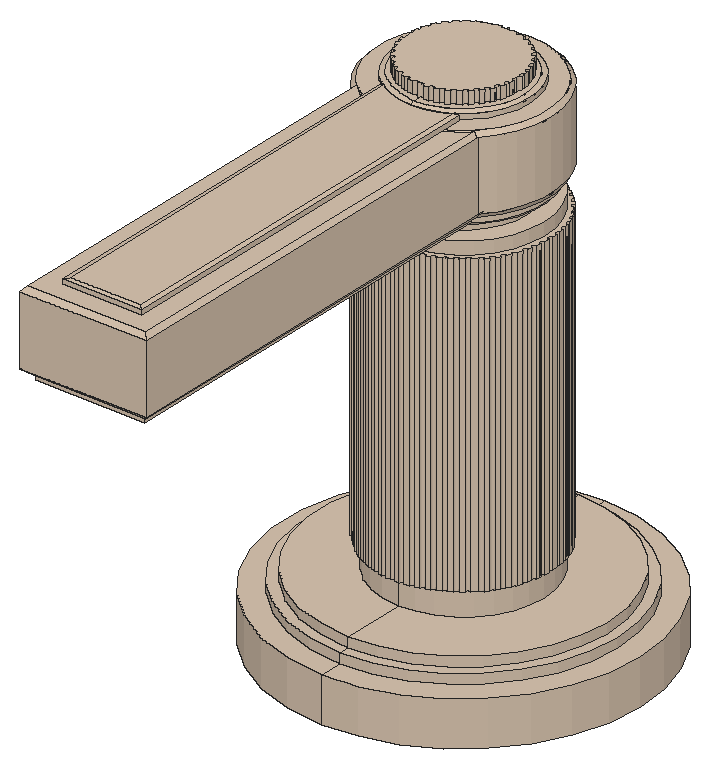
Revit family "Faucet-Handle-KALLISTA-Vir_Stil-P80237", category Plumbing Fixtures, host Face, Revit 2021
Family settings
  Host = Face
  Round Connector Dimension = Use Diameter
  Part Type = Normal
  OmniClass Number = 23.31.11.00
  OmniClass Title = Faucets
  Cut with Voids When Loaded = No
  Shared = No
  Room Calculation Point = No
Parameters (values of type "BAF-Brushed French Gold")
  Width = 2 133/256"  # constant formula
  WaterSense Certified = 1 = 0  # no
  Waste Water Outlet = "Waste Water Outlet"  # constant formula
  Waste Connection = 1 = 0  # no
  Vent Connection = 1 = 0  # no
  URL = "https://www.kallista.com/"
  Type = 1
  Tempered Water Inlet = "Tempered Water Inlet"  # constant formula
  Product Page URL = ""
  Product Name = "Vir Stil"  # constant formula
  Product Documentation Link = ""
  Pressure = 0.00 psi
  Model = if(Type = 1, "P80237-LV-BAF", if(Type = 2, "P80237-LV-BN", if(Type = 3, "P80237-LV-CP", if(Type = 4, "P80237-LV-SN", "NA"))))  # "P80237-LV-BAF"
  Material = "Premium Metal Construction"  # constant formula
  Master Format 2014 Name = "Residential Faucets, Supplies, and Trim"  # constant formula
  Master Format 2014 = "22 41 39"  # constant formula
  Manufacturer Address = "444 Highland Dr, Kohler, WI 53044"  # constant formula
  Manufacturer = "Kallista Co."  # constant formula
  Length = 4.63287"  # constant formula
  Hot Water Inlet = "Hot Water Inlet"  # constant formula
  Height = 3 45/64"  # constant formula
  Handle Clearance = 3.37402"  # constant formula
  HW Connection = 1 = 0  # no
  Flow Rate = 0 GPM
  Finish = Kallista-Metal-BAF-Brushed_French_Gold
  Environmental Product Declaration = ""
  Drain Included = 1 = 0  # no
  Description = "Deck Mount Diverter"  # constant formula
  Default Elevation = 36"
  Declare Label = ""
  Date Modified = "10/26/2023"  # constant formula
  Date Created = "10/26/2023"  # constant formula
  Copyright = "Copyright Kallista Co."  # constant formula
  Contact Us = "https://www.kallista.com/corporate/contact-us/"
  Cold Water Inlet = "Cold Water Inlet"  # constant formula
  CW Connection = 1 = 1  # yes
  Assembly Code = "D2010"
  ADA Compliant = 1 = 0  # no
Types (5): name | Type | Model | Finish
  (no name) | 1 | "P80237-LV-BAF" | Kallista-Metal-BAF-Brushed_French_Gold
  BAF-Brushed French Gold | 1 | "P80237-LV-BAF" | Kallista-Metal-BAF-Brushed_French_Gold
  BN-Brushed Nickel | 2 | "P80237-LV-BN" | Kallista-Metal-BN-Brushed_Nickel
  CP-Chrome | 3 | "P80237-LV-CP" | Kallista-Metal-CP-Chrome
  SN-Polished Nickel | 4 | "P80237-LV-SN" | Kallista-Metal-SN-Polished_Nickel
Reference planes (in)
  plane 1 "Center (Front/Back)": y = 0
  plane 2: z = 0
  plane 3 "Center (Left/Right)": x = 0
  plane 4: y = 1.25886
  plane 5: x = -1.25984
  plane 6: x = 1.25969
  plane 7: x = -0.45084
  plane 8: x = 0.42028
  plane 9: x = 0.44739
  plane 10: y = -1.26083
  plane 11: z = 3.70312
  plane 12: z = 2.93307
  plane 13: z = 0.45669
  plane 14: y = -3.37402
Dimensions and locks (in)
  plane 4 to plane 10 = 2.51969"
  "Width": plane 5 to plane 6
  plane 7 to plane 9 = 0.89824"
  "Height": plane 11 to level
  plane 11 to plane 2 = 3 45/64"
  "Handle Clearance": plane 1 "Center (Front/Back)" to plane 14
  "Length": plane 14 to plane 4
  aligned and locked: plane 2 to host face
  aligned and locked: level to host face
  aligned and locked: plane 3 "Center (Left/Right)" to nested 1
  aligned and locked: plane 1 "Center (Front/Back)" to nested 1
Automatic sketch dimensions
  host sketch curve to host sketch curve = 96"  (x2)
Nested families (in)
  nested 1: "P80237" at (0, 0, 0), type "P80237"
Connectors (in)
  piping at (0, 0, 0), diameter 0.75, driven by "CW Connection", driven by "Cold Water Inlet"
    settings: on nested 1, index 1, connector inside diameter 24", connector length 0", flow factor 0, pipe flow 0 GPM, pressure drop 0.00 psi, fitting loss kfactor 0, connector angle 0.00°, fixture units 0, engagement length 0", angle of deflection 0.00°, flow configuration 0, flow direction 1, fitting loss method 0, system type 20, joint type 0, gender type 0, connector reference index -1, connector utility 1, adjustable connector no, is connector primary yes, connector description "Cold Water Inlet"
Definition of nested family "P80237"
  Parameters
    Material = none
    Default Elevation = 0"
  Reference planes (in)
    plane 1 "Center (Front/Back)": y = 0
    plane 2: z = 0
    plane 3 "Center (Left/Right)": x = 0
    plane 4: y = 1.25984
    plane 5: y = -1.25984
    plane 6: x = 1.25984
    plane 7: x = -1.25984
    plane 8: y = -3.37402
    plane 9: z = 0.45669
    plane 10: z = 2.93307
    plane 11: z = 3.70472
    plane 12: x = -0.45084
    plane 13: x = 0.44739
  Forms (in)
    Revolve 1, solid, material <- "Material", detail levels medium+fine
      sketch origin (0, 0.0011, 0.00063) x (0, 1, 0) y (0, 0, 1)
        loop
          line (1.25984, 0) -> (1.25984, 0.3175) -> (1.09873, 0.3175) -> (1.09873, 0.38664) -> (1.02575, 0.38664) -> (1.02575, 0.45606) -> (0.57703, 0.45606) -> (0.57703, 0.63987) -> (0, 0.63987) -> (0, 0) -> (1.25984, 0)
        loop
          line (0.57721, 2.75841) -> (0.57721, 2.84802) -> (0.44987, 2.84802) -> (0.44987, 2.91705) -> (0, 2.91705) -> (0, 2.75841) -> (0.57721, 2.75841)
        loop
          line (0.54767, 2.93701) -> (0.57031, 2.95965) -> (0.57031, 3.01076) -> (0.60204, 3.01076) -> (0.62598, 3.04762) -> (0.62598, 3.53382) -> (0.59649, 3.56331) -> (0.46876, 3.56331) -> (0.46876, 3.5984) -> (0.43555, 3.61115) -> (0.34342, 3.61115) -> (0.34342, 3.64358) -> (0, 3.64358) -> (0, 2.93701) -> (0.54767, 2.93701)
        axis (0, 0) -> (0, 3.64358)
      angle from 0 to 360
    Extrusion 2, solid, material <- "Material", detail levels medium+fine
      sketch origin (-0.0001, 0.09333, 0.00012) x (1, 0, 0) y (0, 1, 0)
        loop
          line (0.37024, -0.58886) -> (0.3945, -0.56685)
          arc (0.3945, -0.56685) -> (0.39577, -0.54613) -> (0.41649, -0.54486) r 0.01567
          line (0.41649, -0.54486) -> (0.44946, -0.5119)
          arc (0.44946, -0.5119) -> (0.46013, -0.49752) -> (0.47778, -0.50048) r 0.01715
          line (0.47778, -0.50048) -> (0.4974, -0.47626)
          arc (0.4974, -0.47626) -> (0.49278, -0.45436) -> (0.51481, -0.45041) r 0.01559
          line (0.51481, -0.45041) -> (0.53131, -0.42183)
          arc (0.53131, -0.42183) -> (0.52746, -0.40148) -> (0.54701, -0.39463) r 0.01588
          line (0.54701, -0.39463) -> (0.56163, -0.36595)
          arc (0.56163, -0.36595) -> (0.55657, -0.34742) -> (0.5722, -0.33626) r 0.01679
          line (0.5722, -0.33626) -> (0.58709, -0.29535)
          arc (0.58709, -0.29535) -> (0.57988, -0.27596) -> (0.59787, -0.26574) r 0.01596
          line (0.59787, -0.26574) -> (0.60373, -0.23503)
          arc (0.60373, -0.23503) -> (0.59236, -0.21669) -> (0.60968, -0.20382) r 0.01594
          line (0.60968, -0.20382) -> (0.61581, -0.17165)
          arc (0.61581, -0.17165) -> (0.60255, -0.15404) -> (0.61917, -0.13956) r 0.01617
          line (0.61917, -0.13956) -> (0.62151, -0.1061)
          arc (0.62151, -0.1061) -> (0.60539, -0.08974) -> (0.62198, -0.07386) r 0.01612
          line (0.62198, -0.07386) -> (0.61917, -0.03367)
          arc (0.61917, -0.03367) -> (0.60255, -0.01919) -> (0.61581, -0.00158) r 0.01617
          line (0.61581, -0.00158) -> (0.60968, 0.03059)
          arc (0.60968, 0.03059) -> (0.59236, 0.04346) -> (0.60373, 0.0618) r 0.01594
          line (0.60373, 0.0618) -> (0.59787, 0.09251)
          arc (0.59787, 0.09251) -> (0.57988, 0.10273) -> (0.58709, 0.12212) r 0.01596
          line (0.58709, 0.12212) -> (0.57649, 0.15124)
          arc (0.57649, 0.15124) -> (0.55742, 0.15989) -> (0.56163, 0.18041) r 0.01679
          line (0.56163, 0.18041) -> (0.54701, 0.2091)
          arc (0.54701, 0.2091) -> (0.53171, 0.21116) -> (0.52539, 0.22524) r 0.01588
          line (0.52539, 0.22524) -> (0.50251, 0.26488)
          arc (0.50251, 0.26488) -> (0.48047, 0.26882) -> (0.48509, 0.29073) r 0.01559
          line (0.48509, 0.29073) -> (0.46548, 0.31495)
          arc (0.46548, 0.31495) -> (0.44333, 0.31466) -> (0.43937, 0.33645) r 0.01715
          line (0.43937, 0.33645) -> (0.41649, 0.35933)
          arc (0.41649, 0.35933) -> (0.39577, 0.3606) -> (0.3945, 0.38132) r 0.01567
          line (0.3945, 0.38132) -> (0.37024, 0.40332)
          arc (0.37024, 0.40332) -> (0.3496, 0.40047) -> (0.34317, 0.42028) r 0.01622
          line (0.34317, 0.42028) -> (0.31527, 0.43772)
          arc (0.31527, 0.43772) -> (0.29625, 0.43567) -> (0.28852, 0.45316) r 0.0162
          line (0.28852, 0.45316) -> (0.2584, 0.46721)
          arc (0.2584, 0.46721) -> (0.23963, 0.46335) -> (0.23052, 0.4802) r 0.01606
          line (0.23052, 0.4802) -> (0.20119, 0.49388)
          arc (0.20119, 0.49388) -> (0.18047, 0.48455) -> (0.17059, 0.50502) r 0.01629
          line (0.17059, 0.50502) -> (0.14037, 0.51512)
          arc (0.14037, 0.51512) -> (0.12092, 0.5007) -> (0.10901, 0.52179) r 0.01615
          line (0.10901, 0.52179) -> (0.07698, 0.52686)
          arc (0.07698, 0.52686) -> (0.0585, 0.51316) -> (0.04515, 0.5319) r 0.01612
          line (0.04515, 0.5319) -> (0.01371, 0.5319)
          arc (0.01371, 0.5319) -> (-0.00189, 0.5163) -> (-0.0175, 0.5319) r 0.01561
          line (-0.0175, 0.5319) -> (-0.04914, 0.5319)
          arc (-0.04914, 0.5319) -> (-0.06165, 0.51252) -> (-0.0801, 0.52637) r 0.01576
          line (-0.0801, 0.52637) -> (-0.1112, 0.52144)
          arc (-0.1112, 0.52144) -> (-0.12304, 0.50074) -> (-0.1426, 0.51438) r 0.01615
          line (-0.1426, 0.51438) -> (-0.18837, 0.49908)
          arc (-0.18837, 0.49908) -> (-0.19067, 0.47412) -> (-0.21478, 0.48098) r 0.01629
          line (-0.21478, 0.48098) -> (-0.24283, 0.4679)
          arc (-0.24283, 0.4679) -> (-0.25193, 0.45104) -> (-0.2707, 0.4549) r 0.01606
          line (-0.2707, 0.4549) -> (-0.30083, 0.44085)
          arc (-0.30083, 0.44085) -> (-0.30856, 0.42336) -> (-0.32757, 0.42542) r 0.0162
          line (-0.32757, 0.42542) -> (-0.35547, 0.40798)
          arc (-0.35547, 0.40798) -> (-0.36191, 0.38817) -> (-0.38254, 0.39102) r 0.01622
          line (-0.38254, 0.39102) -> (-0.4068, 0.36902)
          arc (-0.4068, 0.36902) -> (-0.40807, 0.3483) -> (-0.42879, 0.34703) r 0.01567
          line (-0.42879, 0.34703) -> (-0.45167, 0.32415)
          arc (-0.45167, 0.32415) -> (-0.45563, 0.30235) -> (-0.47778, 0.30265) r 0.01715
          line (-0.47778, 0.30265) -> (-0.4974, 0.27842)
          arc (-0.4974, 0.27842) -> (-0.49278, 0.25652) -> (-0.51481, 0.25257) r 0.01559
          line (-0.51481, 0.25257) -> (-0.53131, 0.22399)
          arc (-0.53131, 0.22399) -> (-0.52746, 0.20364) -> (-0.54701, 0.19679) r 0.01588
          line (-0.54701, 0.19679) -> (-0.56163, 0.16811)
          arc (-0.56163, 0.16811) -> (-0.55742, 0.14759) -> (-0.57649, 0.13893) r 0.01679
          line (-0.57649, 0.13893) -> (-0.58709, 0.10982)
          arc (-0.58709, 0.10982) -> (-0.57988, 0.09043) -> (-0.59787, 0.08021) r 0.01596
          line (-0.59787, 0.08021) -> (-0.60373, 0.04949)
          arc (-0.60373, 0.04949) -> (-0.59236, 0.03115) -> (-0.60968, 0.01828) r 0.01594
          line (-0.60968, 0.01828) -> (-0.61581, -0.01389)
          arc (-0.61581, -0.01389) -> (-0.60255, -0.0315) -> (-0.61917, -0.04598) r 0.01617
          line (-0.61917, -0.04598) -> (-0.62137, -0.0774)
          arc (-0.62137, -0.0774) -> (-0.606, -0.09277) -> (-0.62137, -0.10814) r 0.01537
          line (-0.62137, -0.10814) -> (-0.61917, -0.13956)
          arc (-0.61917, -0.13956) -> (-0.60255, -0.15404) -> (-0.61581, -0.17165) r 0.01617
          line (-0.61581, -0.17165) -> (-0.60968, -0.20382)
          arc (-0.60968, -0.20382) -> (-0.59236, -0.21669) -> (-0.60373, -0.23503) r 0.01594
          line (-0.60373, -0.23503) -> (-0.59787, -0.26574)
          arc (-0.59787, -0.26574) -> (-0.57988, -0.27596) -> (-0.58709, -0.29535) r 0.01596
          line (-0.58709, -0.29535) -> (-0.5722, -0.33626)
          arc (-0.5722, -0.33626) -> (-0.55657, -0.34742) -> (-0.56163, -0.36595) r 0.01679
          line (-0.56163, -0.36595) -> (-0.54701, -0.39463)
          arc (-0.54701, -0.39463) -> (-0.52746, -0.40148) -> (-0.53131, -0.42183) r 0.01588
          line (-0.53131, -0.42183) -> (-0.50883, -0.46077)
          arc (-0.50883, -0.46077) -> (-0.48488, -0.45001) -> (-0.48509, -0.47626) r 0.01559
          line (-0.48509, -0.47626) -> (-0.46548, -0.50048)
          arc (-0.46548, -0.50048) -> (-0.44333, -0.50019) -> (-0.43937, -0.52198) r 0.01715
          line (-0.43937, -0.52198) -> (-0.41649, -0.54486)
          arc (-0.41649, -0.54486) -> (-0.39577, -0.54613) -> (-0.3945, -0.56685) r 0.01567
          line (-0.3945, -0.56685) -> (-0.37024, -0.58886)
          arc (-0.37024, -0.58886) -> (-0.3496, -0.58601) -> (-0.34317, -0.60582) r 0.01622
          line (-0.34317, -0.60582) -> (-0.31527, -0.62325)
          arc (-0.31527, -0.62325) -> (-0.29625, -0.6212) -> (-0.28852, -0.63869) r 0.0162
          line (-0.28852, -0.63869) -> (-0.2584, -0.65274)
          arc (-0.2584, -0.65274) -> (-0.23963, -0.64888) -> (-0.23052, -0.66574) r 0.01606
          line (-0.23052, -0.66574) -> (-0.20247, -0.67882)
          arc (-0.20247, -0.67882) -> (-0.18193, -0.67012) -> (-0.17198, -0.69009) r 0.01629
          line (-0.17198, -0.69009) -> (-0.1426, -0.69991)
          arc (-0.1426, -0.69991) -> (-0.12304, -0.68628) -> (-0.1112, -0.70697) r 0.01615
          line (-0.1112, -0.70697) -> (-0.0801, -0.7119)
          arc (-0.0801, -0.7119) -> (-0.06165, -0.69805) -> (-0.04914, -0.71744) r 0.01576
          line (-0.04914, -0.71744) -> (-0.0175, -0.71744)
          arc (-0.0175, -0.71744) -> (-0.00189, -0.70183) -> (0.01371, -0.71744) r 0.01561
          line (0.01371, -0.71744) -> (0.04515, -0.71744)
          arc (0.04515, -0.71744) -> (0.0585, -0.69869) -> (0.07698, -0.71239) r 0.01612
          line (0.07698, -0.71239) -> (0.10901, -0.70732)
          arc (0.10901, -0.70732) -> (0.12092, -0.68623) -> (0.14037, -0.70066) r 0.01615
          line (0.14037, -0.70066) -> (0.17059, -0.69055)
          arc (0.17059, -0.69055) -> (0.18047, -0.67009) -> (0.20119, -0.67942) r 0.01629
          line (0.20119, -0.67942) -> (0.23052, -0.66574)
          arc (0.23052, -0.66574) -> (0.23963, -0.64888) -> (0.2584, -0.65274) r 0.01606
          line (0.2584, -0.65274) -> (0.28852, -0.63869)
          arc (0.28852, -0.63869) -> (0.29625, -0.6212) -> (0.31527, -0.62325) r 0.0162
          line (0.31527, -0.62325) -> (0.34317, -0.60582)
          arc (0.34317, -0.60582) -> (0.3496, -0.58601) -> (0.37024, -0.58886) r 0.01622
      from 0.63921 to 2.7578
    Sweep 3, solid, material <- "Material", detail levels medium+fine
      path origin (0, -0.46599, 0.54302) x (0, 1, 0) y (-1, 0, 0)
        loop
          line (0.07874, 0.45013) -> (-2.90726, 0.45013) -> (-2.90726, -0.45013) -> (0.07874, -0.45013)
      profile origin (-0.45013, -3.37325, 0.54302) x (1, 0, 0) y (0, 0, 1)
        loop
          line (0, 2.49452) -> (0.03235, 2.46217) -> (0.06329, 2.46217) -> (0.06329, 2.41499) -> (0.09079, 2.39974) -> (0.3166, 2.39974) -> (0.3166, 3.0564) -> (0.19942, 3.0564) -> (0.16806, 3.04916) -> (0.16806, 3.01604) -> (0.03152, 3.01604) -> (0, 2.98451) -> (0, 2.49452)
    Revolve 4, solid
      sketch origin (0, 0, 0) x (0, 1, 0) y (0, 0, 1)
        loop
          line (0.0011, 2.89746) -> (0.0011, 2.96028) -> (-0.30646, 2.96028) -> (-0.30646, 2.89746) -> (0.0011, 2.89746)
        axis (0.0011, 2.89746) -> (0.0011, 2.96028)
      angle from 0 to 360
    Extrusion 5, solid, material <- "Material", detail levels medium+fine
      sketch origin (0, 0, 0) x (1, 0, 0) y (0, 1, 0)
        loop
          line (-0.13352, -3.05664) -> (0.13352, -3.05664) -> (0.13352, -0.41348)
          arc (0.13352, -0.41348) -> (0.06758, -0.42918) -> (0, -0.43445) r 0.43555
          arc (0, -0.43445) -> (-0.06758, -0.42918) -> (-0.13352, -0.41348) r 0.43555
          line (-0.13352, -0.41348) -> (-0.13352, -3.05664)
      from 2.94276 to 3.59942
    Extrusion 6, solid, material <- "Material", detail levels medium+fine
      sketch origin (0, 0, 0) x (1, 0, 0) y (0, 1, 0)
        loop
          line (0.39956, 0.04665) -> (0.3951, 0.07793)
          arc (0.3951, 0.07793) -> (0.37211, 0.0898) -> (0.38828, 0.11) r 0.01672
          line (0.38828, 0.11) -> (0.37741, 0.13986)
          arc (0.37741, 0.13986) -> (0.35264, 0.14793) -> (0.36643, 0.17003) r 0.01654
          line (0.36643, 0.17003) -> (0.35092, 0.19689)
          arc (0.35092, 0.19689) -> (0.32658, 0.20039) -> (0.33329, 0.22405) r 0.01633
          line (0.33329, 0.22405) -> (0.31408, 0.24863)
          arc (0.31408, 0.24863) -> (0.28882, 0.2494) -> (0.29602, 0.27362) r 0.01594
          line (0.29602, 0.27362) -> (0.27398, 0.29567)
          arc (0.27398, 0.29567) -> (0.25135, 0.29376) -> (0.24796, 0.31621) r 0.01661
          line (0.24796, 0.31621) -> (0.22165, 0.33431)
          arc (0.22165, 0.33431) -> (0.19902, 0.33167) -> (0.1934, 0.35375) r 0.0173
          line (0.1934, 0.35375) -> (0.16475, 0.36828)
          arc (0.16475, 0.36828) -> (0.14435, 0.35817) -> (0.13378, 0.37834) r 0.01629
          line (0.13378, 0.37834) -> (0.10377, 0.38734)
          arc (0.10377, 0.38734) -> (0.08375, 0.37642) -> (0.07305, 0.39655) r 0.01603
          line (0.07305, 0.39655) -> (0.04129, 0.39933)
          arc (0.04129, 0.39933) -> (0.01926, 0.38534) -> (0, 0.40295) r 0.02147
          arc (0, 0.40295) -> (-0.01919, 0.38453) -> (-0.04129, 0.39933) r 0.02122
          line (-0.04129, 0.39933) -> (-0.07266, 0.39659)
          arc (-0.07266, 0.39659) -> (-0.08379, 0.37795) -> (-0.10329, 0.38748) r 0.01603
          line (-0.10329, 0.38748) -> (-0.13378, 0.37834)
          arc (-0.13378, 0.37834) -> (-0.14435, 0.35817) -> (-0.16475, 0.36828) r 0.01629
          line (-0.16475, 0.36828) -> (-0.1934, 0.35375)
          arc (-0.1934, 0.35375) -> (-0.19902, 0.33167) -> (-0.22165, 0.33431) r 0.0173
          line (-0.22165, 0.33431) -> (-0.24796, 0.31621)
          arc (-0.24796, 0.31621) -> (-0.25135, 0.29376) -> (-0.27398, 0.29567) r 0.01661
          line (-0.27398, 0.29567) -> (-0.29602, 0.27362)
          arc (-0.29602, 0.27362) -> (-0.28882, 0.2494) -> (-0.31408, 0.24863) r 0.01594
          line (-0.31408, 0.24863) -> (-0.33329, 0.22405)
          arc (-0.33329, 0.22405) -> (-0.32658, 0.20039) -> (-0.35092, 0.19689) r 0.01633
          line (-0.35092, 0.19689) -> (-0.36643, 0.17003)
          arc (-0.36643, 0.17003) -> (-0.35264, 0.14793) -> (-0.37741, 0.13986) r 0.01654
          line (-0.37741, 0.13986) -> (-0.38828, 0.11)
          arc (-0.38828, 0.11) -> (-0.37211, 0.0898) -> (-0.3951, 0.07793) r 0.01672
          line (-0.3951, 0.07793) -> (-0.39945, 0.04743)
          arc (-0.39945, 0.04743) -> (-0.38106, 0.03439) -> (-0.39192, 0.01464) r 0.01693
          arc (-0.39192, 0.01464) -> (-0.38008, 0.00016) -> (-0.3874, -0.01706) r 0.01809
          arc (-0.3874, -0.01706) -> (-0.38182, -0.03685) -> (-0.39945, -0.04743) r 0.01693
          line (-0.39945, -0.04743) -> (-0.3951, -0.07793)
          arc (-0.3951, -0.07793) -> (-0.37211, -0.0898) -> (-0.38828, -0.11) r 0.01672
          line (-0.38828, -0.11) -> (-0.37741, -0.13986)
          arc (-0.37741, -0.13986) -> (-0.35264, -0.14793) -> (-0.36643, -0.17003) r 0.01654
          line (-0.36643, -0.17003) -> (-0.35092, -0.19689)
          arc (-0.35092, -0.19689) -> (-0.32658, -0.20039) -> (-0.33329, -0.22405) r 0.01633
          line (-0.33329, -0.22405) -> (-0.31408, -0.24863)
          arc (-0.31408, -0.24863) -> (-0.28882, -0.2494) -> (-0.29602, -0.27362) r 0.01594
          line (-0.29602, -0.27362) -> (-0.27398, -0.29567)
          arc (-0.27398, -0.29567) -> (-0.25135, -0.29376) -> (-0.24796, -0.31621) r 0.01661
          line (-0.24796, -0.31621) -> (-0.22165, -0.33431)
          arc (-0.22165, -0.33431) -> (-0.19902, -0.33167) -> (-0.1934, -0.35375) r 0.0173
          line (-0.1934, -0.35375) -> (-0.16475, -0.36828)
          arc (-0.16475, -0.36828) -> (-0.14435, -0.35817) -> (-0.13378, -0.37834) r 0.01629
          line (-0.13378, -0.37834) -> (-0.10377, -0.38734)
          arc (-0.10377, -0.38734) -> (-0.08375, -0.37642) -> (-0.07305, -0.39655) r 0.01603
          line (-0.07305, -0.39655) -> (-0.04129, -0.39933)
          arc (-0.04129, -0.39933) -> (-0.01876, -0.38433) -> (-0.00016, -0.40399) r 0.021
          arc (-0.00016, -0.40399) -> (0.01874, -0.38539) -> (0.04129, -0.39933) r 0.02147
          line (0.04129, -0.39933) -> (0.07305, -0.39655)
          arc (0.07305, -0.39655) -> (0.08375, -0.37642) -> (0.10377, -0.38734) r 0.01603
          line (0.10377, -0.38734) -> (0.13378, -0.37834)
          arc (0.13378, -0.37834) -> (0.14435, -0.35817) -> (0.16475, -0.36828) r 0.01629
          line (0.16475, -0.36828) -> (0.1934, -0.35375)
          arc (0.1934, -0.35375) -> (0.19902, -0.33167) -> (0.22165, -0.33431) r 0.0173
          line (0.22165, -0.33431) -> (0.24796, -0.31621)
          arc (0.24796, -0.31621) -> (0.25135, -0.29376) -> (0.27398, -0.29567) r 0.01661
          line (0.27398, -0.29567) -> (0.29602, -0.27362)
          arc (0.29602, -0.27362) -> (0.28882, -0.2494) -> (0.31408, -0.24863) r 0.01594
          line (0.31408, -0.24863) -> (0.33329, -0.22405)
          arc (0.33329, -0.22405) -> (0.32658, -0.20039) -> (0.35092, -0.19689) r 0.01633
          line (0.35092, -0.19689) -> (0.36643, -0.17003)
          arc (0.36643, -0.17003) -> (0.35264, -0.14793) -> (0.37741, -0.13986) r 0.01654
          line (0.37741, -0.13986) -> (0.38828, -0.11)
          arc (0.38828, -0.11) -> (0.37211, -0.0898) -> (0.3951, -0.07793) r 0.01672
          line (0.3951, -0.07793) -> (0.39956, -0.04665)
          arc (0.39956, -0.04665) -> (0.38137, -0.03479) -> (0.3898, -0.01479) r 0.01693
          arc (0.3898, -0.01479) -> (0.38962, 0.00232) -> (0.40245, 0.01362) r 0.02054
          arc (0.40245, 0.01362) -> (0.38069, 0.02836) -> (0.39956, 0.04665) r 0.01693
      from 3.6209 to 3.70485
    Extrusion 7, solid, material <- "Material"
      sketch origin (0, 0, 0) x (1, 0, 0) y (0, 1, 0)
        loop
          circle (0, 0) r 0.07874
      from 0 to 0.05618
    Revolve 8, solid, material <- "Material", detail levels coarse
      sketch origin (0, 0, 0) x (0, 1, 0) y (0, 0, 1)
        loop
          line (1.26094, 0.00063) -> (1.26094, 0.31813) -> (1.09983, 0.31813) -> (1.09983, 0.38726) -> (1.02685, 0.38726) -> (1.02685, 0.45669) -> (0.57813, 0.45669) -> (0.57813, 0.6405) -> (0.62524, 0.6405) -> (0.62524, 2.75904) -> (0.57831, 2.75904) -> (0.57831, 2.84865) -> (0.45097, 2.84865) -> (0.45097, 2.91768) -> (0.0011, 2.91768) -> (0.0011, 2.77411) -> (0.0011, 0.00063) -> (1.26094, 0.00063)
        loop
          line (0.54877, 2.93764) -> (0.57141, 2.96028) -> (0.57141, 3.01139) -> (0.60314, 3.01139) -> (0.62708, 3.04825) -> (0.62708, 3.53445) -> (0.59759, 3.56394) -> (0.46986, 3.56394) -> (0.46986, 3.59903) -> (0.43665, 3.61178) -> (0.34452, 3.61178) -> (0.40295, 3.6209) -> (0.40295, 3.70485) -> (0.0011, 3.70485) -> (0.0011, 2.93764) -> (0.54877, 2.93764)
        axis (0.0011, 0.00063) -> (0.0011, 3.70485)
      angle from 0 to 360
    Extrusion 9, solid, material <- "Material", detail levels coarse
      sketch origin (0, 0, 0) x (1, 0, 0) y (0, 1, 0)
        loop
          line (-0.45013, -0.11) -> (-0.45013, -3.37325) -> (0.45013, -3.37325) -> (0.45013, -0.11) -> (-0.45013, -0.11)
      from 2.94276 to 3.59942
  Cuts and joins
    joined: Sweep 3, Extrusion 5
  Lines and regions (in)
    Masking region 1
      outline origin (0, 0, 0) x (1, 0, 0) y (0, 1, 0)
        loop
          line (-0.45084, -3.37402) -> (0.44739, -3.37402) -> (0.44739, -1.17773)
          arc (0.44739, -1.17773) -> (0.00185, 1.25984) -> (-0.45084, -1.17641) r 1.25984
          line (-0.45084, -1.17641) -> (-0.45084, -3.37402)
    Masking region 2
      outline origin (0, 0, 0) x (1, 0, 0) y (0, 0, 1)
        loop
          line (-1.25984, 0) -> (1.25984, 0) -> (1.25984, 0.31505) -> (1.10057, 0.31505) -> (1.10057, 0.3846) -> (1.03059, 0.3846) -> (1.03059, 0.45669) -> (0.5775, 0.45669) -> (0.5775, 0.6398) -> (0.62448, 0.6398) -> (0.62448, 2.75774) -> (0.57757, 2.75774) -> (0.57757, 2.84774) -> (0.44996, 2.84774) -> (0.44996, 2.91689) -> (0.30728, 2.91689) -> (0.35175, 2.93307) -> (0.52738, 2.93307) -> (0.55793, 2.95001) -> (0.55793, 3.0106) -> (0.59254, 3.0106) -> (0.62472, 3.04061) -> (0.62472, 3.53288) -> (0.59365, 3.56394) -> (0.46562, 3.56394) -> (0.46562, 3.59569) -> (0.43313, 3.61084) -> (0.34514, 3.61084) -> (0.3771, 3.62062) -> (0.41129, 3.62062) -> (0.41129, 3.70472) -> (-0.41129, 3.70472) -> (-0.41129, 3.62062) -> (-0.3771, 3.62062) -> (-0.34514, 3.61084) -> (-0.43313, 3.61084) -> (-0.46562, 3.59569) -> (-0.46562, 3.56394) -> (-0.59365, 3.56394) -> (-0.62472, 3.53288) -> (-0.62472, 3.04061) -> (-0.59254, 3.0106) -> (-0.55793, 3.0106) -> (-0.55793, 2.95001) -> (-0.52738, 2.93307) -> (-0.35175, 2.93307) -> (-0.30728, 2.91689) -> (-0.44996, 2.91689) -> (-0.44996, 2.84774) -> (-0.57757, 2.84774) -> (-0.57757, 2.75774) -> (-0.62448, 2.75774) -> (-0.62448, 0.6398) -> (-0.5775, 0.6398) -> (-0.5775, 0.45669) -> (-1.03059, 0.45669) -> (-1.03059, 0.3846) -> (-1.10057, 0.3846) -> (-1.10057, 0.31505) -> (-1.25984, 0.31505) -> (-1.25984, 0)
    Masking region 3
      outline origin (0, 0, 0) x (0, 1, 0) y (0, 0, 1)
        loop
          line (1.25984, 0.00063) -> (1.25984, 0.31813) -> (1.09983, 0.31813) -> (1.09983, 0.38726) -> (1.02685, 0.38726) -> (1.02685, 0.45669) -> (0.57813, 0.45669) -> (0.57813, 0.63981) -> (0.62479, 0.63981) -> (0.62479, 2.75904) -> (0.57831, 2.75904) -> (0.57831, 2.84865) -> (0.45097, 2.84865) -> (0.45097, 2.91768) -> (0.30919, 2.91768) -> (0.34376, 2.93764) -> (0.54877, 2.93764) -> (0.57141, 2.96028) -> (0.57141, 3.01139) -> (0.60314, 3.01139) -> (0.62708, 3.04825) -> (0.62708, 3.53445) -> (0.59759, 3.56394) -> (0.46986, 3.56394) -> (0.46986, 3.59903) -> (0.43966, 3.61063) -> (0.34452, 3.61063) -> (0.37406, 3.6208) -> (0.41153, 3.6208) -> (0.41153, 3.70472) -> (-0.41103, 3.70472) -> (-0.41103, 3.62081) -> (-0.37638, 3.62081) -> (-0.34382, 3.61109) -> (-3.15915, 3.61109) -> (-3.20655, 3.59839) -> (-3.20655, 3.56371) -> (-3.32111, 3.56371) -> (-3.37402, 3.53317) -> (-3.37402, 2.95629) -> (-3.3508, 2.93307) -> (-0.34, 2.93307) -> (-0.30699, 2.91768) -> (-0.44877, 2.91768) -> (-0.44877, 2.84865) -> (-0.57611, 2.84865) -> (-0.57611, 2.75904) -> (-0.62259, 2.75904) -> (-0.62259, 0.63981) -> (-0.57593, 0.63981) -> (-0.57593, 0.45669) -> (-1.02465, 0.45669) -> (-1.02465, 0.38726) -> (-1.09763, 0.38726) -> (-1.09763, 0.31813) -> (-1.25984, 0.31813) -> (-1.25984, 0.00063) -> (0.0011, 0.00063) -> (1.25984, 0.00063)
    symbolic lines, detail levels medium+fine
      curve 1: line (0, 0.57813, 0.45732) -> (0, -0.57593, 0.45732)
      curve 2: line (0, 1.02685, 0.38726) -> (0, -1.02465, 0.38726)
      curve 3: line (0, -1.09763, 0.31813) -> (0, 1.09983, 0.31813)
      curve 4: line (0, 0.53419, 0.63981) -> (0, -0.57431, 0.63981)
      curve 5: line (0, 0.53419, 0.63981) -> (0, 0.53419, 2.75904)
      curve 6: line (0, 0.57431, 0.63981) -> (0, 0.57431, 2.75904)
      curve 7: line (0, 0.59241, 0.63934) -> (0, 0.59241, 2.75904)
      curve 8: line (0, 0.51875, 0.63934) -> (0, 0.51875, 2.75793)
      curve 9: line (0, 0.46235, 0.63934) -> (0, 0.46235, 2.75904)
      curve 10: line (0, 0.41748, 0.63934) -> (0, 0.41748, 2.75904)
      curve 11: line (0, 0.34591, 0.63981) -> (0, 0.34591, 2.75904)
      curve 12: line (0, 0.37176, 0.63981) -> (0, 0.37176, 2.75904)
      curve 13: line (0, 0.31732, 0.63981) -> (0, 0.31732, 2.75904)
      curve 14: line (0, 0.26144, 0.63981) -> (0, 0.26144, 2.75904)
      curve 15: line (0, 0.29013, 0.63981) -> (0, 0.29013, 2.75904)
      curve 16: line (0, 0.23227, 0.63981) -> (0, 0.23227, 2.75904)
      curve 17: line (0, 0.20315, 0.63981) -> (0, 0.20315, 2.75904)
      curve 18: line (0, 0.14283, 0.63981) -> (0, 0.14283, 2.75904)
      curve 19: line (0, 0.17354, 0.63981) -> (0, 0.17354, 2.75904)
      curve 20: line (0, 0.11162, 0.63981) -> (0, 0.11162, 2.75904)
      curve 21: line (0, 0.07945, 0.63981) -> (0, 0.07945, 2.75904)
      curve 22: line (0, 0.04736, 0.63981) -> (0, 0.04736, 2.75904)
      curve 23: line (0, 0.01594, 0.63981) -> (0, 0.01594, 2.75904)
      curve 24: line (0, -0.53419, 0.63981) -> (0, -0.53419, 2.75904)
      curve 25: line (0, -0.57431, 0.63981) -> (0, -0.57431, 2.75904)
      curve 26: line (0, -0.59241, 0.63934) -> (0, -0.59241, 2.75904)
      curve 27: line (0, -0.51875, 0.63934) -> (0, -0.51875, 2.75793)
      curve 28: line (0, -0.46235, 0.63934) -> (0, -0.46235, 2.75904)
      curve 29: line (0, -0.41748, 0.63981) -> (0, -0.41748, 2.75904)
      curve 30: line (0, -0.34591, 0.63981) -> (0, -0.34591, 2.75904)
      curve 31: line (0, -0.37176, 0.63981) -> (0, -0.37176, 2.75904)
      curve 32: line (0, -0.31732, 0.63981) -> (0, -0.31732, 2.75904)
      curve 33: line (0, -0.26144, 0.63981) -> (0, -0.26144, 2.75904)
      curve 34: line (0, -0.29013, 0.63981) -> (0, -0.29013, 2.75904)
      curve 35: line (0, -0.23227, 0.63981) -> (0, -0.23227, 2.75904)
      curve 36: line (0, -0.20315, 0.63981) -> (0, -0.20315, 2.75904)
      curve 37: line (0, -0.14283, 0.63981) -> (0, -0.14283, 2.75904)
      curve 38: line (0, -0.17354, 0.63981) -> (0, -0.17354, 2.75904)
      curve 39: line (0, -0.11162, 0.63981) -> (0, -0.11162, 2.75904)
      curve 40: line (0, -0.07945, 0.63981) -> (0, -0.07945, 2.75904)
      curve 41: line (0, -0.04736, 0.63981) -> (0, -0.04736, 2.75904)
      curve 42: line (0, -0.01594, 0.63981) -> (0, -0.01594, 2.75904)
      curve 43: line (0, 0.53419, 2.75904) -> (0, -0.53419, 2.75904)
      curve 44: line (0, 0.53419, 2.75904) -> (0, 0.59241, 2.75904)
      curve 45: line (0, -0.53419, 2.75904) -> (0, -0.59241, 2.75904)
      curve 46: line (0, 0.45097, 2.84865) -> (0, -0.44877, 2.84865)
      curve 47: line (0, -0.30699, 2.91768) -> (0, 0.30919, 2.91768)
      curve 48: line (0, 0.34376, 2.93764) -> (0, -0.39485, 2.93764)
      curve 49: line (0, -0.34, 2.93307) -> (0, 0.33585, 2.93307)
      curve 50: line (0, 0.34452, 3.61063) -> (0, -0.34361, 3.61109)
      curve 51: line (0, 0.57141, 3.01139) -> (0, -3.37402, 3.01139)
      curve 52: line (0, 0.46986, 3.56394) -> (0, -3.20655, 3.56371)
      curve 53: line (0, 0.62708, 3.53445) -> (0, -3.37402, 3.53317)
      curve 54: line (0, 0.62708, 3.04825) -> (0, -3.37402, 3.04825)
      curve 55: line (0, -0.45759, 3.01139) -> (0, -0.45759, 3.56388)
      curve 56: line (0, -0.44258, 3.04111) -> (0, -0.44258, 3.5341)
      curve 57: line (0, -0.42857, 3.04111) -> (0, -0.42857, 3.53653)
      curve 58: line (0, -0.41551, 3.04111) -> (0, -0.41551, 3.53411)
      curve 59: line (0, -0.41551, 3.53411) -> (0, -0.39467, 3.56389)
      curve 60: line (0, -0.42857, 3.53653) -> (0, -0.40942, 3.56389)
      curve 61: line (0, -0.44258, 3.5341) -> (0, -0.4346, 3.56389)
      curve 62: line (0, -0.41551, 3.04111) -> (0, -0.39835, 3.01139)
      curve 63: line (0, -0.42857, 3.04111) -> (0, -0.41471, 3.01139)
      curve 64: line (0, -0.44258, 3.04111) -> (0, -0.43461, 3.01139)
      curve 65: line (0, -0.3656, 3.56389) -> (0, -0.3656, 3.59507)
      curve 66: line (0, -0.3656, 3.59507) -> (0, -0.34361, 3.61109)
      curve 67: line (0, -0.41915, 2.9511) -> (0, -0.41915, 3.00997)
      curve 68: line (0, -0.41915, 2.9511) -> (0, -0.38661, 2.93307)
      curve 69: line (0, -3.37402, 2.95629) -> (0, -0.41915, 2.95629)
      curve 70: line (0, 0.39659, 3.6209) -> (0, 0.39659, 3.70485)
      curve 71: line (0, 0.38748, 3.6209) -> (0, 0.38748, 3.70485)
      curve 72: line (0, 0.37834, 3.6209) -> (0, 0.37834, 3.70485)
      curve 73: line (0, 0.36828, 3.6209) -> (0, 0.36828, 3.70485)
      curve 74: line (0, 0.35375, 3.6209) -> (0, 0.35375, 3.70485)
      curve 75: line (0, 0.33431, 3.6209) -> (0, 0.33431, 3.70485)
      curve 76: line (0, 0.31621, 3.6209) -> (0, 0.31621, 3.70485)
      curve 77: line (0, 0.29567, 3.6209) -> (0, 0.29567, 3.70485)
      curve 78: line (0, 0.27362, 3.6209) -> (0, 0.27362, 3.70485)
      curve 79: line (0, 0.24863, 3.6209) -> (0, 0.24863, 3.70485)
      curve 80: line (0, 0.22405, 3.6209) -> (0, 0.22405, 3.70485)
      curve 81: line (0, 0.19689, 3.6209) -> (0, 0.19689, 3.70485)
      curve 82: line (0, 0.17003, 3.6209) -> (0, 0.17003, 3.70485)
      curve 83: line (0, 0.13986, 3.6209) -> (0, 0.13986, 3.70485)
      curve 84: line (0, 0.11, 3.6209) -> (0, 0.11, 3.70485)
      curve 85: line (0, 0.07793, 3.6209) -> (0, 0.07793, 3.70485)
      curve 86: line (0, 0.04743, 3.6209) -> (0, 0.04743, 3.70485)
      curve 87: line (0, 0.01464, 3.6209) -> (0, 0.01464, 3.70485)
      curve 88: line (0, -0.01706, 3.6209) -> (0, -0.01706, 3.70485)
      curve 89: line (0, -0.04743, 3.6209) -> (0, -0.04743, 3.70485)
      curve 90: line (0, -0.07793, 3.6209) -> (0, -0.07793, 3.70485)
      curve 91: line (0, -0.11, 3.6209) -> (0, -0.11, 3.70485)
      curve 92: line (0, -0.13986, 3.6209) -> (0, -0.13986, 3.70485)
      curve 93: line (0, -0.17003, 3.6209) -> (0, -0.17003, 3.70485)
      curve 94: line (0, -0.19689, 3.6209) -> (0, -0.19689, 3.70485)
      curve 95: line (0, -0.22405, 3.6209) -> (0, -0.22405, 3.70485)
      curve 96: line (0, -0.24863, 3.6209) -> (0, -0.24863, 3.70485)
      curve 97: line (0, -0.27362, 3.6209) -> (0, -0.27362, 3.70485)
      curve 98: line (0, -0.29567, 3.6209) -> (0, -0.29567, 3.70485)
      curve 99: line (0, -0.31621, 3.6209) -> (0, -0.31621, 3.70485)
      curve 100: line (0, -0.33431, 3.6209) -> (0, -0.33431, 3.70485)
      curve 101: line (0, -0.35375, 3.6209) -> (0, -0.35375, 3.70485)
      curve 102: line (0, -0.36828, 3.6209) -> (0, -0.36828, 3.70485)
      curve 103: line (0, -0.38734, 3.6209) -> (0, -0.38734, 3.70485)
      curve 104: line (0, -0.39655, 3.6209) -> (0, -0.39655, 3.70485)
      curve 105: line (0, 0.37834, 3.6209) -> (0, -0.37834, 3.6209)
      curve 106: line (-0.5775, 0, 0.45669) -> (0.5775, 0, 0.45669)
      curve 107: line (-1.03059, 0, 0.3846) -> (1.03059, 0, 0.3846)
      curve 108: line (1.10057, 0, 0.31505) -> (-1.10057, 0, 0.31505)
      curve 109: line (-0.5775, 0, 0.6398) -> (0.5775, 0, 0.6398)
      curve 110: line (0.30728, 0, 2.91689) -> (-0.30728, 0, 2.91689)
      curve 111: line (-0.35175, 0, 2.93307) -> (0.35175, 0, 2.93307)
      curve 112: line (-0.44996, 0, 2.84774) -> (0.44996, 0, 2.84774)
      curve 113: line (-0.57757, 0, 2.75774) -> (0.57757, 0, 2.75774)
      curve 114: line (-0.55793, 0, 3.0106) -> (0.55793, 0, 3.0106)
      curve 115: line (-0.46562, 0, 3.56394) -> (0.46562, 0, 3.56394)
      curve 116: line (-0.34514, 0, 3.61084) -> (0.34514, 0, 3.61084)
      curve 117: line (0.37741, 0, 3.62062) -> (-0.37741, 0, 3.62062)
      curve 118: line (-0.46562, 0, 3.59569) -> (0.46562, 0, 3.59569)
      curve 119: line (-0.62472, 0, 3.53288) -> (0.62472, 0, 3.53288)
      curve 120: line (-0.45057, 0, 3.04117) -> (-0.45057, 0, 3.53288)
      curve 121: line (-0.45057, 0, 3.53288) -> (-0.4195, 0, 3.56394)
      curve 122: line (-0.45057, 0, 3.04117) -> (-0.42, 0, 3.0106)
      curve 123: line (0.45057, 0, 3.04117) -> (0.45057, 0, 3.53288)
      curve 124: line (0.45057, 0, 3.53288) -> (0.4195, 0, 3.56394)
      curve 125: line (0.45057, 0, 3.04117) -> (0.42, 0, 3.0106)
      curve 126: line (-0.45717, 0, 3.53288) -> (-0.45717, 0, 3.04076)
      curve 127: line (-0.45717, 0, 3.04076) -> (-0.43001, 0, 3.0106)
      curve 128: line (-0.46582, 0, 3.04094) -> (-0.46582, 0, 3.53288)
      curve 129: line (-0.46582, 0, 3.53288) -> (-0.44406, 0, 3.56394)
      curve 130: line (-0.46582, 0, 3.04094) -> (-0.44457, 0, 3.0106)
      curve 131: line (0.46551, 0, 3.04061) -> (0.46551, 0, 3.53288)
      curve 132: line (0.44386, 0, 3.56394) -> (0.46551, 0, 3.53288)
      curve 133: line (0.45713, 0, 3.53288) -> (0.45713, 0, 3.04088)
      curve 134: line (0.45713, 0, 3.04088) -> (0.43081, 0, 3.0106)
      curve 135: line (0.45713, 0, 3.53288) -> (0.43197, 0, 3.56394)
      curve 136: line (-0.45717, 0, 3.53288) -> (-0.43541, 0, 3.56394)
      curve 137: line (-0.62472, 0, 3.04061) -> (0.62472, 0, 3.04061)
      curve 138: line (0.46551, 0, 3.04061) -> (0.44449, 0, 3.0106)
      curve 139: line (-0.3951, 0, 3.6209) -> (-0.3951, 0, 3.70485)
      curve 140: line (-0.37741, 0, 3.62062) -> (-0.37741, 0, 3.70485)
      curve 141: line (-0.38828, 0, 3.6209) -> (-0.38828, 0, 3.70485)
      curve 142: line (-0.36643, 0, 3.62062) -> (-0.36643, 0, 3.70485)
      curve 143: line (-0.35092, 0, 3.62062) -> (-0.35092, 0, 3.70485)
      curve 144: line (-0.33329, 0, 3.62062) -> (-0.33329, 0, 3.70485)
      curve 145: line (-0.31408, 0, 3.62062) -> (-0.31408, 0, 3.70485)
      curve 146: line (-0.29602, 0, 3.62062) -> (-0.29602, 0, 3.70485)
      curve 147: line (-0.27398, 0, 3.62062) -> (-0.27398, 0, 3.70485)
      curve 148: line (-0.24796, 0, 3.62062) -> (-0.24796, 0, 3.70485)
      curve 149: line (-0.22165, 0, 3.62062) -> (-0.22165, 0, 3.70485)
      curve 150: line (-0.1934, 0, 3.62062) -> (-0.1934, 0, 3.70485)
      curve 151: line (-0.16475, 0, 3.62062) -> (-0.16475, 0, 3.70485)
      curve 152: line (-0.13378, 0, 3.62062) -> (-0.13378, 0, 3.70485)
      curve 153: line (-0.10377, 0, 3.62062) -> (-0.10377, 0, 3.70485)
      curve 154: line (-0.07305, 0, 3.62062) -> (-0.07305, 0, 3.70485)
      curve 155: line (-0.04129, 0, 3.62062) -> (-0.04129, 0, 3.70485)
      curve 156: line (0.3951, 0, 3.6209) -> (0.3951, 0, 3.70485)
      curve 157: line (0.37741, 0, 3.62062) -> (0.37741, 0, 3.70485)
      curve 158: line (0.38828, 0, 3.6209) -> (0.38828, 0, 3.70485)
      curve 159: line (0.36643, 0, 3.62062) -> (0.36643, 0, 3.70485)
      curve 160: line (0.35092, 0, 3.62062) -> (0.35092, 0, 3.70485)
      curve 161: line (0.33329, 0, 3.62062) -> (0.33329, 0, 3.70485)
      curve 162: line (0.31408, 0, 3.62062) -> (0.31408, 0, 3.70485)
      curve 163: line (0.29602, 0, 3.62062) -> (0.29602, 0, 3.70485)
      curve 164: line (0.27398, 0, 3.62062) -> (0.27398, 0, 3.70485)
      curve 165: line (0.24796, 0, 3.62062) -> (0.24796, 0, 3.70485)
      curve 166: line (0.22165, 0, 3.62062) -> (0.22165, 0, 3.70485)
      curve 167: line (0.1934, 0, 3.62062) -> (0.1934, 0, 3.70485)
      curve 168: line (0.16475, 0, 3.62062) -> (0.16475, 0, 3.70485)
      curve 169: line (0.13378, 0, 3.62062) -> (0.13378, 0, 3.70485)
      curve 170: line (0.10377, 0, 3.62062) -> (0.10377, 0, 3.70485)
      curve 171: line (0.07305, 0, 3.62062) -> (0.07305, 0, 3.70485)
      curve 172: line (0.04129, 0, 3.62062) -> (0.04129, 0, 3.70485)
      curve 173: line (-0.53141, 0, 0.63934) -> (-0.53141, 0, 2.75793)
      curve 174: line (-0.46557, 0, 0.63934) -> (-0.46557, 0, 2.75793)
      curve 175: line (-0.41659, 0, 0.63934) -> (-0.41659, 0, 2.75793)
      curve 176: line (-0.31536, 0, 0.63934) -> (-0.31536, 0, 2.75793)
      curve 177: line (-0.34327, 0, 0.63934) -> (-0.34327, 0, 2.75793)
      curve 178: line (-0.28862, 0, 0.63934) -> (-0.28862, 0, 2.75793)
      curve 179: line (-0.2585, 0, 0.63934) -> (-0.2585, 0, 2.75793)
      curve 180: line (-0.17208, 0, 0.63934) -> (-0.17208, 0, 2.75793)
      curve 181: line (-0.20257, 0, 0.63934) -> (-0.20257, 0, 2.75793)
      curve 182: line (-0.14269, 0, 0.63934) -> (-0.14269, 0, 2.75793)
      curve 183: line (-0.1113, 0, 0.63934) -> (-0.1113, 0, 2.75793)
      curve 184: line (-0.08019, 0, 0.63934) -> (-0.08019, 0, 2.75793)
      curve 185: line (-0.04924, 0, 0.63934) -> (-0.04924, 0, 2.75793)
      curve 186: line (-0.01759, 0, 0.63934) -> (-0.01759, 0, 2.75793)
      curve 187: line (0.04505, 0, 0.63934) -> (0.04505, 0, 2.75793)
      curve 188: line (0.07688, 0, 0.63934) -> (0.07688, 0, 2.75793)
      curve 189: line (0.10892, 0, 0.63934) -> (0.10892, 0, 2.75793)
      curve 190: line (0.14027, 0, 0.63934) -> (0.14027, 0, 2.75793)
      curve 191: line (0.17049, 0, 0.63934) -> (0.17049, 0, 2.75793)
      curve 192: line (0.20109, 0, 0.63934) -> (0.20109, 0, 2.75793)
      curve 193: line (0.2583, 0, 0.63934) -> (0.2583, 0, 2.75793)
      curve 194: line (0.23043, 0, 0.63934) -> (0.23043, 0, 2.75793)
      curve 195: line (0.28843, 0, 0.63934) -> (0.28843, 0, 2.75793)
      curve 196: line (0.31517, 0, 0.63934) -> (0.31517, 0, 2.75793)
      curve 197: line (0.34307, 0, 2.75793) -> (0.34307, 0, 0.63934)
      curve 198: line (0.3944, 0, 0.63934) -> (0.3944, 0, 2.75793)
      curve 199: line (0.37014, 0, 0.63934) -> (0.37014, 0, 2.75793)
      curve 200: line (0.41639, 0, 0.63934) -> (0.41639, 0, 2.75793)
      curve 201: line (0.44936, 0, 0.63934) -> (0.44936, 0, 2.75793)
      curve 202: line (0.4973, 0, 0.63934) -> (0.4973, 0, 2.75793)
      curve 203: line (0.54691, 0, 0.63934) -> (0.54691, 0, 2.75793)
      curve 204: line (0.58699, 0, 0.63934) -> (0.58699, 0, 2.75793)
      curve 205: line (0.59777, 0, 0.63934) -> (0.59777, 0, 2.75793)
      curve 206: line (0.53121, 0, 0.63934) -> (0.53121, 0, 2.75793)
      curve 207: line (0.47768, 0, 0.63934) -> (0.47768, 0, 2.75793)
      curve 208: line (-0.37033, 0, 0.63934) -> (-0.37033, 0, 2.75793)
      curve 209: line (-0.3946, 0, 0.63934) -> (-0.3946, 0, 2.75793)
      curve 210: line (-0.23062, 0, 0.63934) -> (-0.23062, 0, 2.75793)
      curve 211: line (-0.56173, 0, 0.63934) -> (-0.56173, 0, 2.75793)
      curve 212: arc (0.44739, -1.00992, 0) -> (0.00189, 1.10458, 0) -> (-0.45084, -1.00839, 0) r 1.10458
      curve 213: circle (0, 0, 0) r 0.46742 normal (0, 0, 1)
      curve 214: circle (0, 0, 0) r 0.44658 normal (0, 0, 1)
      curve 215: line (-0.45084, -1.17641, 0) -> (-0.45084, -0.48538, 0)
      curve 216: line (0.44739, -1.17773, 0) -> (0.44739, -0.51072, 0)
      curve 217: arc (0.48999, -0.38843, 0) -> (-0.00616, 0.62524, 0) -> (-0.48224, -0.39801, 0) r 0.62527
      curve 218: arc (-0.48224, -0.39801, 0) -> (-0.45893, -0.43896, 0) -> (-0.45084, -0.48538, 0) r 0.13726
      curve 219: arc (0.48999, -0.38843, 0) -> (0.45835, -0.44598, 0) -> (0.44739, -0.51072, 0) r 0.19685
      curve 220: line (-0.42028, -0.48903, 0) -> (-0.42028, -3.34472, 0)
      curve 221: line (-0.42028, -3.34472, 0) -> (0.42028, -3.34472, 0)
      curve 222: arc (0.45008, -0.38234, 0) -> (0.01006, 0.59047, 0) -> (-0.46285, -0.36678, 0) r 0.59055
      curve 223: arc (-0.46285, -0.36678, 0) -> (-0.43122, -0.42431, 0) -> (-0.42028, -0.48903, 0) r 0.19685
      curve 224: line (0.42028, -0.46345, 0) -> (0.42028, -3.34472, 0)
      curve 225: arc (0.42028, -0.46345, 0) -> (0.42796, -0.42024, 0) -> (0.45008, -0.38234, 0) r 0.12528
      curve 226: arc (0.44739, -0.60754, 0) -> (0.00215, 0.75449, 0) -> (-0.45084, -0.60498, 0) r 0.75449
      curve 227: arc (0.44739, -0.92305, 0) -> (0.00192, 1.02575, 0) -> (-0.45084, -0.92137, 0) r 1.02576
      curve 228: arc (0.39956, 0.04665, 0) -> (0.38069, 0.02836, 0) -> (0.40245, 0.01362, 0) r 0.01693
      curve 229: arc (0.3951, 0.07793, 0) -> (0.37211, 0.0898, 0) -> (0.38828, 0.11, 0) r 0.01672
      curve 230: line (0.3951, 0.07793, 0) -> (0.39956, 0.04665, 0)
      curve 231: line (0.38828, 0.11, 0) -> (0.37741, 0.13986, 0)
      curve 232: arc (0.36643, 0.17003, 0) -> (0.35264, 0.14793, 0) -> (0.37741, 0.13986, 0) r 0.01654
      curve 233: line (0.36643, 0.17003, 0) -> (0.35092, 0.19689, 0)
      curve 234: arc (0.35092, 0.19689, 0) -> (0.32658, 0.20039, 0) -> (0.33329, 0.22405, 0) r 0.01633
      curve 235: line (0.33329, 0.22405, 0) -> (0.31408, 0.24863, 0)
      curve 236: arc (0.29602, 0.27362, 0) -> (0.28882, 0.2494, 0) -> (0.31408, 0.24863, 0) r 0.01594
      curve 237: line (0.27398, 0.29567, 0) -> (0.29602, 0.27362, 0)
      curve 238: arc (0.24796, 0.31621, 0) -> (0.25135, 0.29376, 0) -> (0.27398, 0.29567, 0) r 0.01661
      curve 239: line (0.24796, 0.31621, 0) -> (0.22165, 0.33431, 0)
      curve 240: arc (0.22165, 0.33431, 0) -> (0.19902, 0.33167, 0) -> (0.1934, 0.35375, 0) r 0.0173
      curve 241: line (0.1934, 0.35375, 0) -> (0.16475, 0.36828, 0)
      curve 242: arc (0.16475, 0.36828, 0) -> (0.14435, 0.35817, 0) -> (0.13378, 0.37834, 0) r 0.01629
      curve 243: line (0.13378, 0.37834, 0) -> (0.10377, 0.38734, 0)
      curve 244: arc (0.10377, 0.38734, 0) -> (0.08375, 0.37642, 0) -> (0.07305, 0.39655, 0) r 0.01603
      curve 245: line (0.07305, 0.39655, 0) -> (0.04129, 0.39933, 0)
      curve 246: arc (0.04129, 0.39933, 0) -> (0.01926, 0.38534, 0) -> (0, 0.40295, 0) r 0.02147
      curve 247: arc (0.39956, -0.04665, 0) -> (0.38137, -0.03479, 0) -> (0.3898, -0.01479, 0) r 0.01693
      curve 248: arc (0.3951, -0.07793, 0) -> (0.37211, -0.0898, 0) -> (0.38828, -0.11, 0) r 0.01672
      curve 249: line (0.3951, -0.07793, 0) -> (0.39956, -0.04665, 0)
      curve 250: line (0.38828, -0.11, 0) -> (0.37741, -0.13986, 0)
      curve 251: arc (0.36643, -0.17003, 0) -> (0.35264, -0.14793, 0) -> (0.37741, -0.13986, 0) r 0.01654
      curve 252: line (0.36643, -0.17003, 0) -> (0.35092, -0.19689, 0)
      curve 253: arc (0.35092, -0.19689, 0) -> (0.32658, -0.20039, 0) -> (0.33329, -0.22405, 0) r 0.01633
      curve 254: line (0.33329, -0.22405, 0) -> (0.31408, -0.24863, 0)
      curve 255: arc (0.29602, -0.27362, 0) -> (0.28882, -0.2494, 0) -> (0.31408, -0.24863, 0) r 0.01594
      curve 256: line (0.27398, -0.29567, 0) -> (0.29602, -0.27362, 0)
      curve 257: arc (0.24796, -0.31621, 0) -> (0.25135, -0.29376, 0) -> (0.27398, -0.29567, 0) r 0.01661
      curve 258: line (0.24796, -0.31621, 0) -> (0.22165, -0.33431, 0)
      curve 259: arc (0.22165, -0.33431, 0) -> (0.19902, -0.33167, 0) -> (0.1934, -0.35375, 0) r 0.0173
      curve 260: line (0.1934, -0.35375, 0) -> (0.16475, -0.36828, 0)
      curve 261: arc (0.16475, -0.36828, 0) -> (0.14435, -0.35817, 0) -> (0.13378, -0.37834, 0) r 0.01629
      curve 262: line (0.13378, -0.37834, 0) -> (0.10377, -0.38734, 0)
      curve 263: arc (0.10377, -0.38734, 0) -> (0.08375, -0.37642, 0) -> (0.07305, -0.39655, 0) r 0.01603
      curve 264: line (0.07305, -0.39655, 0) -> (0.04129, -0.39933, 0)
      curve 265: arc (0.04129, -0.39933, 0) -> (0.01874, -0.38539, 0) -> (-0.00016, -0.40399, 0) r 0.02147
      curve 266: arc (-0.39945, 0.04743, 0) -> (-0.38106, 0.03439, 0) -> (-0.39192, 0.01464, 0) r 0.01693
      curve 267: arc (-0.3951, 0.07793, 0) -> (-0.37211, 0.0898, 0) -> (-0.38828, 0.11, 0) r 0.01672
      curve 268: line (-0.3951, 0.07793, 0) -> (-0.39945, 0.04743, 0)
      curve 269: line (-0.38828, 0.11, 0) -> (-0.37741, 0.13986, 0)
      curve 270: arc (-0.36643, 0.17003, 0) -> (-0.35264, 0.14793, 0) -> (-0.37741, 0.13986, 0) r 0.01654
      curve 271: line (-0.36643, 0.17003, 0) -> (-0.35092, 0.19689, 0)
      curve 272: arc (-0.35092, 0.19689, 0) -> (-0.32658, 0.20039, 0) -> (-0.33329, 0.22405, 0) r 0.01633
      curve 273: line (-0.33329, 0.22405, 0) -> (-0.31408, 0.24863, 0)
      curve 274: arc (-0.29602, 0.27362, 0) -> (-0.28882, 0.2494, 0) -> (-0.31408, 0.24863, 0) r 0.01594
      curve 275: line (-0.27398, 0.29567, 0) -> (-0.29602, 0.27362, 0)
      curve 276: arc (-0.24796, 0.31621, 0) -> (-0.25135, 0.29376, 0) -> (-0.27398, 0.29567, 0) r 0.01661
      curve 277: line (-0.24796, 0.31621, 0) -> (-0.22165, 0.33431, 0)
      curve 278: arc (-0.22165, 0.33431, 0) -> (-0.19902, 0.33167, 0) -> (-0.1934, 0.35375, 0) r 0.0173
      curve 279: line (-0.1934, 0.35375, 0) -> (-0.16475, 0.36828, 0)
      curve 280: arc (-0.16475, 0.36828, 0) -> (-0.14435, 0.35817, 0) -> (-0.13378, 0.37834, 0) r 0.01629
      curve 281: line (-0.13378, 0.37834, 0) -> (-0.10329, 0.38748, 0)
      curve 282: arc (-0.10329, 0.38748, 0) -> (-0.08379, 0.37795, 0) -> (-0.07266, 0.39659, 0) r 0.01603
      curve 283: line (-0.07266, 0.39659, 0) -> (-0.04129, 0.39933, 0)
      curve 284: arc (-0.39945, -0.04743, 0) -> (-0.38182, -0.03685, 0) -> (-0.3874, -0.01706, 0) r 0.01693
      curve 285: arc (-0.3951, -0.07793, 0) -> (-0.37211, -0.0898, 0) -> (-0.38828, -0.11, 0) r 0.01672
      curve 286: line (-0.3951, -0.07793, 0) -> (-0.39945, -0.04743, 0)
      curve 287: line (-0.38828, -0.11, 0) -> (-0.37741, -0.13986, 0)
      curve 288: arc (-0.36643, -0.17003, 0) -> (-0.35264, -0.14793, 0) -> (-0.37741, -0.13986, 0) r 0.01654
      curve 289: line (-0.36643, -0.17003, 0) -> (-0.35092, -0.19689, 0)
      curve 290: arc (-0.35092, -0.19689, 0) -> (-0.32658, -0.20039, 0) -> (-0.33329, -0.22405, 0) r 0.01633
      curve 291: line (-0.33329, -0.22405, 0) -> (-0.31408, -0.24863, 0)
      curve 292: arc (-0.29602, -0.27362, 0) -> (-0.28882, -0.2494, 0) -> (-0.31408, -0.24863, 0) r 0.01594
      curve 293: line (-0.27398, -0.29567, 0) -> (-0.29602, -0.27362, 0)
      curve 294: arc (-0.24796, -0.31621, 0) -> (-0.25135, -0.29376, 0) -> (-0.27398, -0.29567, 0) r 0.01661
      curve 295: line (-0.24796, -0.31621, 0) -> (-0.22165, -0.33431, 0)
      curve 296: arc (-0.22165, -0.33431, 0) -> (-0.19902, -0.33167, 0) -> (-0.1934, -0.35375, 0) r 0.0173
      curve 297: line (-0.1934, -0.35375, 0) -> (-0.16475, -0.36828, 0)
      curve 298: arc (-0.16475, -0.36828, 0) -> (-0.14435, -0.35817, 0) -> (-0.13378, -0.37834, 0) r 0.01629
      curve 299: line (-0.13378, -0.37834, 0) -> (-0.10377, -0.38734, 0)
      curve 300: arc (-0.10377, -0.38734, 0) -> (-0.08375, -0.37642, 0) -> (-0.07305, -0.39655, 0) r 0.01603
      curve 301: line (-0.07305, -0.39655, 0) -> (-0.04129, -0.39933, 0)
      curve 302: arc (-0.04129, 0.39933, 0) -> (-0.01919, 0.38453, 0) -> (0, 0.40295, 0) r 0.02122
      curve 303: arc (-0.04129, -0.39933, 0) -> (-0.01876, -0.38433, 0) -> (-0.00016, -0.40399, 0) r 0.021
      curve 304: arc (-0.39192, 0.01464, 0) -> (-0.38008, 0.00016, 0) -> (-0.3874, -0.01706, 0) r 0.01809
      curve 305: arc (0.40245, 0.01362, 0) -> (0.38962, 0.00232, 0) -> (0.3898, -0.01479, 0) r 0.02054
      curve 306: line (0, 0.53419, 0.63981) -> (0, 0.57813, 0.63981)
      curve 307: line (-0.55793, 0, 2.95001) -> (0.55793, 0, 2.95001)
  Dimensions and locks (in)
    plane 8 to plane 1 "Center (Front/Back)" = 3.37402"
    plane 4 to plane 5 = 2.51969"
    plane 7 to plane 6 = 2.51969"
    plane 9 to level = 0.45669"
    plane 11 to plane 2 = 3.70472"
    plane 10 to plane 2 = 2.93307"
    plane 9 to plane 2 = 0.45669"
    aligned and locked: plane 2 to level
